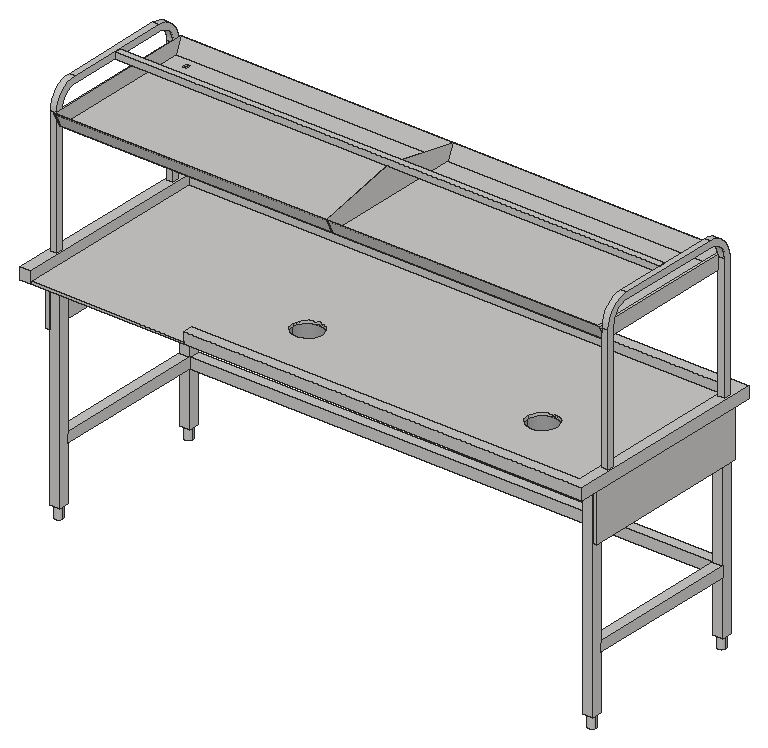
Revit family "QF_ZANUSSI_865338_BHST2208R", category Attrezzature speciali, Revit 2020
Family settings
  Quota connettore circolare = Usa diametro
  Tipo di parte = Normale
  Basato su piano di lavoro = No
  Sempre verticale = Sì
  Taglio con vuoti quando caricato = No
  Condiviso = No
  Punto di calcolo locali = No
Parameters (values of type "Standard")
  Weight = 18.00 kg
  Watts = 0 W
  Volts = 0 V
  URL Manufacturer = "http://www.zanussiprofessional.com"
  URL = "http://www.zanussiprofessional.com"
  Steam Supply Size = 0 mm
  Steam Supply Minimum Pressure = 0.0 Pa
  Steam Supply Maximum Pressure = 0.0 Pa
  Steam Consumption per Hour = 0
  Refrigeration Suction Line Size = 0 mm
  Refrigeration Liquid Line Size = 0 mm
  Refrigerant Compressor Remote = yes
  Prospetto di default = 0 mm
  Produttore = "Zanussi"
  Phase = 0
  Modello = "BHST2208R"
  Length Actual = 2200 mm  # constant formula
  Item Number = "865338"
  Hot Water Size = 0 mm
  Height Actual = 1551 mm  # constant formula
  HP = "0 HP"
  Gas Size = 0 mm
  Gas KW = 0
  Gas Input Pressure = 0 W
  Direct Waste Size = 0 mm
  Description = "SORTING TABLE, RIGHT>LEFT, 2200X800 MM "
  Depth Actual = 800 mm  # constant formula
  Cycle = 0 Hz
  Condensate Return Size = 0 mm
  Compressed Air Volume = 0.0 L/s
  Compressed Air Size = 0 mm
  Compressed Air Pressure = 0.0 Pa
  Cold Water Size = 0 mm
  Accessory = yes
Reference planes
  plane 1 "Centro (Fronte/Retro)": y = 0
  plane 2: z = 0
  plane 3 "Centro (Sinistra/Destra)": x = 0
  plane 4: x = 1100
  plane 5: z = 1492
  plane 6: x = 20
  plane 7: y = -379.5
  plane 8: x = 56
  plane 9: y = -60
  plane 10: y = -695
  plane 11: x = 2200
  plane 12: x = 2144
Forms (mm)
  Extrusion 1, solid, material "QF_Finishes_Stainless Steel"
    sketch origin (-964, -40, 0) x (1, 0, 0) y (0, 1, 0)
      loop
        line (1000, 0) -> (1000, -40) -> (1040, -40) -> (1040, 0) -> (1000, 0)
    from 45 to 865
  Extrusion 2, solid, material "QF_Finishes_Stainless Steel"
    sketch origin (-964, -40, 0) x (1, 0, 0) y (0, 1, 0)
      loop
        circle (1020, -20) r 15
    from 0 to 45
  Extrusion 3, solid, material "QF_Finishes_Stainless Steel"
    sketch origin (-964, -675, 0) x (1, 0, 0) y (0, 1, 0)
      loop
        line (1000, 0) -> (1000, -40) -> (1040, -40) -> (1040, 0) -> (1000, 0)
    from 45 to 865
  Extrusion 4, solid, material "QF_Finishes_Stainless Steel"
    sketch origin (-964, -675, 0) x (1, 0, 0) y (0, 1, 0)
      loop
        circle (1020, -20) r 15
    from 0 to 45
  Extrusion 5, solid, material "QF_Finishes_Stainless Steel"
    sketch origin (0, 0, 0) x (1, 0, 0) y (0, 0, 1)
      loop
        line (76, 259.624) -> (2124, 259.624) -> (2124, 299.579) -> (76, 299.579) -> (76, 259.624)
    from 40 to 80
  Extrusion 6, solid, material "QF_Finishes_Stainless Steel"
    sketch origin (36, 0, 0) x (0, 1, 0) y (0, 0, 1)
      loop
        line (-80, 299.579) -> (-675, 299.579) -> (-675, 259.579) -> (-80, 259.579) -> (-80, 299.579)
    from 0 to 40
  Sweep 7, solid, material "QF_Finishes_Stainless Steel"
    path origin (0, 0, -12) x (0, 1, 0) y (0, 0, 1)
      loop
        line (-95, 922) -> (-95, 1412)
        arc (-95, 1412) -> (-118.431, 1468.569) -> (-175, 1492) r 80
        line (-175, 1492) -> (-584, 1492)
        arc (-584, 1492) -> (-640.569, 1468.569) -> (-664, 1412) r 80
        line (-664, 1412) -> (-664, 922)
    profile origin (0, -95, 1155) x (0, -1, 0) y (1, 0, 0)
      loop
        line (-12, 8) -> (12, 8) -> (12, 32) -> (-12, 32) -> (-12, 8)
  Extrusion 8, solid, material "QF_Finishes_Stainless Steel"
    sketch origin (0, 0, -12) x (0, 1, 0) y (0, 0, 1)
      loop
        line (-367.5, 1504) -> (-391.5, 1504) -> (-391.5, 1480) -> (-367.5, 1480) -> (-367.5, 1504)
    from 32 to 2168
  Extrusion 9, void
    sketch origin (32, 0, -6.687) x (0, 1, 0) y (0, 0, 1)
      loop
        line (-56.629, 1444.891) -> (-702.371, 1444.891) -> (-663.034, 1360.532) -> (-95.966, 1360.532) -> (-56.629, 1444.891)
    from 3.287 to 2130
  Extrusion 10, solid, material "QF_Finishes_Stainless Steel"
    sketch origin (32, 0, -12) x (0, 1, 0) y (0, 0, 1)
      loop
        line (-70.92, 1418.976) -> (-688.08, 1418.976) -> (-661.76, 1362.532) -> (-97.24, 1362.532) -> (-70.92, 1418.976)
    from 0 to 2136
  Extrusion 11, void
    sketch origin (0, 0, -12) x (1, 0, 0) y (0, 1, 0)
      loop
        circle (108.268, -136.161) r 12
    from 1301.755 to 1377.519
  Extrusion 12, solid, material "QF_Finishes_Stainless Steel"
    sketch origin (0, 0, -12) x (1, 0, 0) y (0, 1, 0)
      loop
        circle (108.21, -136.146) r 13
    from 1316.037 to 1362.532
  Extrusion 13, void
    sketch origin (0, 0, -12) x (1, 0, 0) y (0, 1, 0)
      loop
        circle (108.268, -136.161) r 10
    from 1301.755 to 1377.519
  Extrusion 14, solid, material "QF_Finishes_Stainless Steel"
    sketch origin (1700, 0, 865) x (-1, 0, 0) y (0, -1, 0)
      loop
        line (-460, 774) -> (-460, 40) -> (1660, 40) -> (1660, 814) -> (1060, 814) -> (1060, 774) -> (-460, 774)
    from 0 to 10
  Extrusion 15, solid, material "QF_Finishes_Stainless Steel"
    sketch origin (0, 0, 865) x (1, 0, 0) y (0, 1, 0)
      loop
        line (0, 0) -> (0, -814) -> (40, -814) -> (40, -40) -> (2160, -40) -> (2160, -774) -> (640, -774) -> (640, -814) -> (2200, -814) -> (2200, 0) -> (0, 0)
    from 0 to 45
  Sweep 16, solid, material "QF_Finishes_Stainless Steel"
    path origin (2200, 0, -12) x (0, 1, 0) y (0, 0, -1)
      loop
        line (-95, -922) -> (-95, -1412)
        arc (-95, -1412) -> (-118.431, -1468.569) -> (-175, -1492) r 80
        line (-175, -1492) -> (-584, -1492)
        arc (-584, -1492) -> (-640.569, -1468.569) -> (-664, -1412) r 80
        line (-664, -1412) -> (-664, -922)
    profile origin (2200, -95, 1155) x (0, 1, 0) y (-1, 0, 0)
      loop
        line (12, 8) -> (12, 32) -> (-12, 32) -> (-12, 8) -> (12, 8)
  Extrusion 17, solid, material "QF_Finishes_Stainless Steel"
    sketch origin (3164, -40, 0) x (-1, 0, 0) y (0, -1, 0)
      loop
        line (1000, 0) -> (1040, 0) -> (1040, 40) -> (1000, 40) -> (1000, 0)
    from 45 to 865
  Extrusion 18, solid, material "QF_Finishes_Stainless Steel"
    sketch origin (3164, -40, 0) x (-1, 0, 0) y (0, -1, 0)
      loop
        circle (1020, 20) r 15
    from 0 to 45
  Extrusion 19, solid, material "QF_Finishes_Stainless Steel"
    sketch origin (3164, -675, 0) x (-1, 0, 0) y (0, -1, 0)
      loop
        line (1000, 0) -> (1040, 0) -> (1040, 40) -> (1000, 40) -> (1000, 0)
    from 45 to 865
  Extrusion 20, solid, material "QF_Finishes_Stainless Steel"
    sketch origin (3164, -675, 0) x (-1, 0, 0) y (0, -1, 0)
      loop
        circle (1020, 20) r 15
    from 0 to 45
  Extrusion 21, solid, material "QF_Finishes_Stainless Steel"
    sketch origin (2164, 0, 0) x (0, 1, 0) y (0, 0, -1)
      loop
        line (-80, -299.579) -> (-80, -259.579) -> (-675, -259.579) -> (-675, -299.579) -> (-80, -299.579)
    from 0 to 40
  Extrusion 22, void
    sketch origin (1200, -30, 0) x (1, 0, 0) y (0, 1, 0)
      loop
        circle (610, -490) r 58
    from 674.596 to 947.421
  Extrusion 23, void
    sketch origin (280, -30, 0) x (1, 0, 0) y (0, 1, 0)
      loop
        circle (610, -490) r 58
    from 674.596 to 947.421
  Extrusion 24, solid, material "QF_Finishes_Stainless Steel"
    sketch origin (1, 0, 0) x (0, 1, 0) y (0, 0, 1)
      loop
        line (-367.5, 1468) -> (-391.5, 1468) -> (-687.809, 1406.976) -> (-663.034, 1353.844) -> (-95.966, 1353.844) -> (-71.191, 1406.976) -> (-367.5, 1468)
    from 1098 to 1100
  Extrusion 25, solid, material "QF_Finishes_Stainless Steel"
    sketch origin (0, 0, 0) x (0, 1, 0) y (0, 0, 1)
      loop
        line (-40, 865) -> (-715, 865) -> (-715, 660) -> (-40, 660) -> (-40, 865)
    from 20 to 36
  Extrusion 26, solid, material "QF_Finishes_Stainless Steel"
    sketch origin (2200, 0, 0) x (0, 1, 0) y (0, 0, -1)
      loop
        line (-40, -865) -> (-40, -660) -> (-715, -660) -> (-715, -865) -> (-40, -865)
    from 20 to 36
Cuts and joins
  Extrusion 9, Extrusion 13 cuts Extrusion 10
  Extrusion 11 cuts Extrusion 12
  Extrusion 22, Extrusion 23 cuts Extrusion 14
Dimensions and locks
  plane 5 to level = 1492 mm  (x2)
  Extrusion 5 to Extrusion 5 = 39.955 mm
  Extrusion 1 to Extrusion 3 = 595 mm
  plane 9 to plane 10 = 635 mm
  plane 11 to plane 3 "Centro (Sinistra/Destra)" = 2200 mm
  Sweep 7 to Sweep 7 = 545 mm
  plane 3 "Centro (Sinistra/Destra)" to plane 11 = 2200 mm
  plane 3 "Centro (Sinistra/Destra)" to plane 4 = 1100 mm
  Extrusion 19 to Extrusion 3 = 2048 mm
  plane 12 to plane 8 = 2088 mm
  cut or joined group of Extrusion 14, Extrusion 22, Extrusion 23 to plane 1 "Centro (Fronte/Retro)" = 814 mm
  Extrusion 15 to Extrusion 15 = 814 mm
  aligned and locked: level to plane 2
  aligned and locked: Extrusion 2 to Extrusion 1
  aligned and locked: Extrusion 4 to Extrusion 3
  aligned and locked: Extrusion 8 to Sweep 7
  aligned and locked: Extrusion 17 to Extrusion 18
  aligned and locked: Extrusion 19 to Extrusion 20
Nested families
  nested 1: "FORO_IMMONDIZIE - 200" at (1810, -520, 863.471), type "FORO_IMMONDIZIE - 200"
  nested 2: "FORO_IMMONDIZIE - 200" at (890, -520, 863.471), type "FORO_IMMONDIZIE - 200"
Definition of nested family "FORO_IMMONDIZIE - 200"
  Parameters (values of type "FORO_IMMONDIZIE - 200")
    Default Elevation = 1219.2 mm
  Reference planes
    plane 1 "Centro (Fronte/Retro)": y = 0
    plane 2: z = 0
    plane 3 "Centro (Sinistra/Destra)": x = 0
    plane 4: z = -110
  Forms (mm)
    Extrusion 1, solid, not visible
      sketch origin (0, 0, 0) x (1, 0, 0) y (0, 1, 0)
        loop
          line (-1219.2, 1219.2) -> (-1219.2, -1219.2) -> (1219.2, -1219.2) -> (1219.2, 1219.2) -> (-1219.2, 1219.2)
      from 0 to -304.8
    Extrusion 2, solid
      sketch origin (0, 0, 0) x (1, 0, 0) y (0, 1, 0)
        loop
          circle (0, 0) r 60
        loop
          circle (0, 0) r 90
      from -110 to 1.529
  Dimensions and locks
    aligned and locked: plane 2 to Extrusion 1
    aligned and locked: level to Extrusion 1
